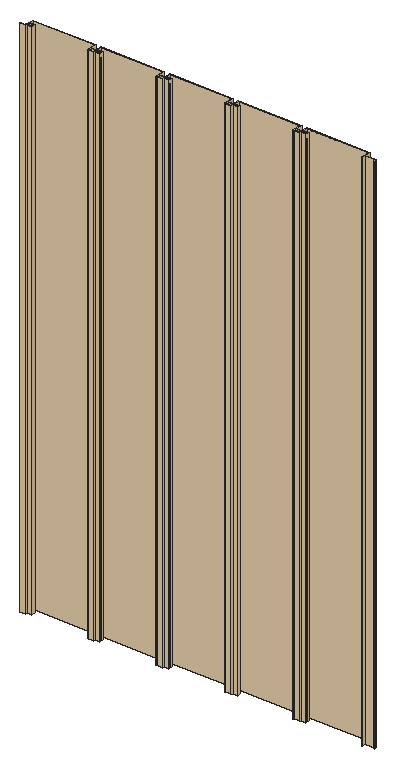
Revit family "UNVERSAL 120", category Mechanical Equipment, Revit 2017
Family settings
  Round Connector Dimension = Use Diameter
  Part Type = Normal
  Work Plane-Based = No
  Always vertical = Yes
  Cut with Voids When Loaded = No
  Shared = No
  Room Calculation Point = No
Parameters (values of type "Pine")
  Width = 150 mm * (Panel Number - 1)  # 600 mm
  URL = ""
  Single = Panel Number = 1  # no
  Panel Number = 5
  Array Number = if(Panel Number = 1, 2, Panel Number)  # 5
  Model = "Universal 120"
  Manufacturer = "gtoaluminum"
  Height = 1000 mm
  Finish = Pine, Scots
  Dimensions = "4.72”W x 0.70”H x 19’L | 0.047” thickness"
  Description = "This profile is ideal for both interior and exterior cladding. It emulates the same width as the Click 40 profiles, but it is fully enclosed and works better for exterior cladding, perfect for backyard walls and doors. It can also be used in living rooms or offices that require a “warmer” look. It comes in different shades of wood and other colors or can be painted in a custom color."
  Bottom Offset = 0 mm
  Array = not(Single)  # yes
Types (8, lengths in mm): name | Width | Panel Number | Array Number | Height | Finish | Bottom Offset
  (no name) | 600 | 5 | 5 | 1000 | Pine, Scots | 0
  Espresso | 150 | 2 | 2 | 3000 | Espresso | 50
  Oak | 150 | 2 | 2 | 3000 | Wood (Oak) | 50
  Pine | 600 | 5 | 5 | 1000 | Pine, Scots | 0
  Gray | 150 | 2 | 2 | 3000 | Gray | 50
  Charcol | 150 | 2 | 2 | 3000 | Charcol | 50
  Matte | 150 | 2 | 2 | 3000 | Matte | 50
  gloss | 150 | 2 | 2 | 3000 | Gloss | 50
Reference planes
  plane 1 "Center (Front/Back)": y = 0
  plane 2: z = 0
  plane 3 "Center (Left/Right)": x = 0
  plane 4: x = 600
Dimensions and locks
  "Width": plane 3 "Center (Left/Right)" to plane 4
  equal spacing: group 1, group 2, group 3, group 4, group 5  (x3)
  locked: plane 3 "Center (Left/Right)" to nested 3 at 130.2
  plane 3 "Center (Left/Right)" to nested 3 = 148.5 mm
  aligned and locked: level to plane 2
  aligned and locked: plane 3 "Center (Left/Right)" to nested 1
  aligned and locked: plane 3 "Center (Left/Right)" to nested 2
Nested families
  nested 1: "profile" at (0, 0, 0), visible <- "Array", type "profile"
    with Height 1000 mm, Bottom Offset 0 mm
  nested 2: "profile" at (0, 0, 0), visible <- "Single", type "profile"
    with Height 1000 mm, Bottom Offset 0 mm
  nested 3: "profile" at (130.2, 0, 0), visible <- "Array", type "profile"
    with Height 1000 mm, Bottom Offset 0 mm
  nested 4: "profile" at (260.4, 0, 0), visible <- "Array", type "profile"
    with Height 1000 mm, Bottom Offset 0 mm
  nested 5: "profile" at (390.6, 0, 0), visible <- "Array", type "profile"
    with Height 1000 mm, Bottom Offset 0 mm
  nested 6: "profile" at (520.8, 0, 0), visible <- "Array", type "profile"
    with Height 1000 mm, Bottom Offset 0 mm
Definition of nested family "profile"
  Parameters (values of type "profile")
    Height = 3000 mm
    Finish = none
    Bottom Offset = 50 mm
  Reference planes
    plane 1 "Center (Front/Back)": y = 0
    plane 2: z = 0
    plane 3 "Center (Left/Right)": x = 0
    plane 4: z = 3000
    plane 5: z = 50
  Forms (mm)
    Extrusion 1, solid, material <- "Finish"
      sketch origin (-100, 1.4, 0) x (1, 0, 0) y (0, 1, 0)
        loop
          line (100, -1.4) -> (110.3, -1.4) -> (110.3, 1.45) -> (119.6, 1.45) -> (119.6, 8.05) -> (110.3, 8.05) -> (110.3, 15.3) -> (227.7, 15.3) -> (227.7, -1.4) -> (229, -1.4) -> (229, 4.6) -> (245.882, 4.6)
          arc (245.882, 4.6) -> (246.285, 4.475) -> (246.546, 4.144) r 0.711
          arc (246.546, 4.144) -> (247.581, 3.492) -> (248.5, 4.3) r 1.022
          line (248.5, 4.3) -> (248.5, 5.1)
          arc (248.5, 5.1) -> (248.266, 5.666) -> (247.7, 5.9) r 0.8
          line (247.7, 5.9) -> (229, 5.9) -> (229, 16.6) -> (109, 16.6) -> (109, 7.75)
          arc (109, 7.75) -> (109.293, 7.043) -> (110, 6.75) r 1
          line (110, 6.75) -> (118.3, 6.75) -> (118.3, 2.75) -> (110, 2.75)
          arc (110, 2.75) -> (109.293, 2.457) -> (109, 1.75) r 1
          line (109, 1.75) -> (109, -0.1) -> (100, -0.1) -> (100, -1.4)
      from 50 to 3000
  Dimensions and locks
    "Height": plane 4 to plane 2
    "Bottom Offset": plane 5 to level
    aligned and locked: level to plane 2
    aligned and locked: Extrusion 1 to plane 4
    aligned and locked: plane 5 to Extrusion 1
  Automatic sketch dimensions
    plane 3 "Center (Left/Right)" to Extrusion 1 sketch curve = 148.5 mm
    Extrusion 1 sketch curve to Extrusion 1 sketch curve = 0.8 mm
    Extrusion 1 sketch curve to Extrusion 1 sketch curve = 0.2 mm
    Extrusion 1 sketch curve to Extrusion 1 sketch curve = 1.618 mm
    Extrusion 1 sketch curve to Extrusion 1 sketch curve = 16.882 mm
    Extrusion 1 sketch curve to Extrusion 1 sketch curve = 0 mm  (x2)
    Extrusion 1 sketch curve to Extrusion 1 sketch curve = 1.3 mm  (x7)
    Extrusion 1 sketch curve to plane 1 "Center (Front/Back)" = 9.45 mm
    Extrusion 1 sketch curve to Extrusion 1 sketch curve = 108.1 mm
    Extrusion 1 sketch curve to Extrusion 1 sketch curve = 8 mm
    Extrusion 1 sketch curve to Extrusion 1 sketch curve = 0.3 mm  (x3)
    Extrusion 1 sketch curve to Extrusion 1 sketch curve = 9.45 mm
    Extrusion 1 sketch curve to plane 1 "Center (Front/Back)" = 0 mm
    Extrusion 1 sketch curve to Extrusion 1 sketch curve = 6.6 mm
    Extrusion 1 sketch curve to Extrusion 1 sketch curve = 5.289 mm
    Extrusion 1 sketch curve to Extrusion 1 sketch curve = 0.411 mm
    Extrusion 1 sketch curve to Extrusion 1 sketch curve = 0.21 mm
    Extrusion 1 sketch curve to Extrusion 1 sketch curve = 0.711 mm
    Extrusion 1 sketch curve to Extrusion 1 sketch curve = 0.59 mm
    Extrusion 1 sketch curve to Extrusion 1 sketch curve = 7.25 mm
    Extrusion 1 sketch curve to Extrusion 1 sketch curve = 9 mm
